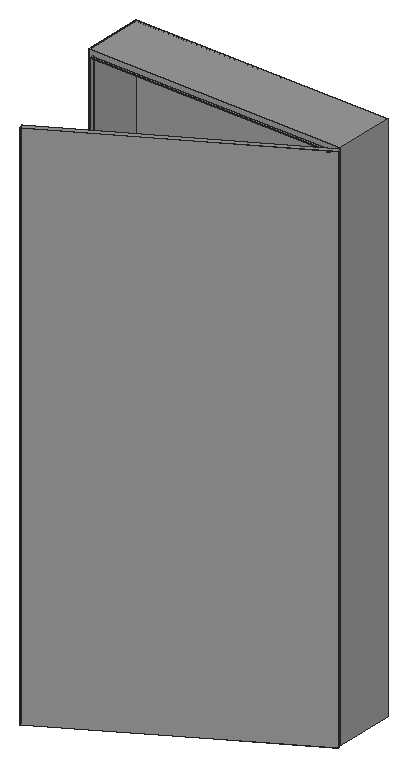
Revit family "Hager-Univers-IP54-D205-H1700-Cl.I-Encl-NoHosted-CH-de", category Equipement électrique, Revit 2020
Family settings
  Configuration du panneau = Deux colonnes, circuits au sein
  Cote de connecteur circulaire = Utiliser le diamètre
  Type d'élément = Tableau de raccordement
  Basée sur le plan de construction = Oui
  Toujours verticalement = Oui
  Couper avec des vides une fois chargée = Non
  Partagée = Non
  Point de calcul de pièce = Non
Parameters (values of type "Aufputz IP54 B800 H1700 T205  - FP13TW2")
  Width Control [instance] = if([EF000008 - Breite] > Min Width, [EF000008 - Breite], Min Width)  # 800 mm
  Commentaires du type = [HG000003 - Bereich]  # "Univers"
  Thickness Door [instance] = if([EF009171 - Materialstärke Tür/Deckel] > 3 mm, 3 mm, [EF009171 - Materialstärke Tür/Deckel])  # 1 mm
  Seal Frame Offset [instance] = 17 mm  # constant formula
  Plinth Visibility [instance] = [HG000027 - Sockelhöhe] > 0 mm  # no
  Min Width [instance] = 100 mm  # constant formula
  Min Depth [instance] = (2 * [EF009170 - Materialstärke Gehäuse]) + 1 mm  # 3 mm
  Min Height [instance] = 100 mm  # constant formula
  Internal Frame Depth [instance] = (Door System Depth * 0.5)  # 9 mm
  Panel Name [instance] = ""  # (empty or 0)
  Model = ""
  HG000027 - Sockelhöhe = 0 mm
  HG000026 - Stehend auf dem Boden = no
  HG000024 - Höhe des unteren Teils = 600 mm
  HG000023 - Gehäuse mit doppeltem Querschnitt = no
  HG000016 - 3D-Türsichtbarkeit [instance] = yes
  HG000015 - Sichtbarkeit der Türöffnung [instance] = no
  HG000014 - Tür rechts [instance] = yes
  HG000013 - Tür links [instance] = not([HG000014 - Tür rechts])  # no
  HG000012 - Türschwenkwinkel [instance] = 30.00°
  HG000010 - Asymmetrische Türen = no
  HG000009 - Doppelflügeligen Tür = no
  HG000006 - Unterputz = no
  HG000004 - Herstellerreferenz = "FP13TW2"
  HG000003 - Bereich = "Univers"
  HG000002 - Mit tür = yes
  Frame Offset Bottom [instance] = 10 mm  # constant formula
  Frame Offset [instance] = 15 mm  # constant formula
  EF015940 - Deckel mit Überdruckentlastung = no
  EF011959 - Schutzart (NEMA) = ""
  EF009554 - Anzahl der Öffnungen für Flanschplatten = 6
  EF009212 - Ausführung Deckel = "EV000116 - geschlossen"
  EF009171 - Materialstärke Tür/Deckel = 1 mm
  EF009170 - Materialstärke Gehäuse = 1 mm
  EF008873 - Nennstrom (In) = 400 A
  EF007800 - Geeignet für Blitzschutz = no
  EF006306 - Mit Schloss = no
  EF006244 - Transparenter Deckel/Tür = no
  EF005474 - Schutzart (IP) = "EV006419 - IP54"
  EF004464 - Art der Tür = "EV002646 - Einzel"
  EF004427 - Anzahl der Module = 396
  EF004293 - Schlagfestigkeit = "EV006815 - IK09"
  EF003532 - Geeignet für Außengebrauch = no
  EF002950 - Breite in Teilungseinheiten = 36
  EF001613 - Funktionserhalt = "EV000494 - ohne"
  EF001596 - Werkstoff des Gehäuses = "EV000179 - Stahl"
  EF001131 - Innentiefe = 205 mm
  EF001088 - Anbaumöglichkeit = yes
  EF000437 - Anzahl der Leitungseinführungen = 6
  EF000339 - Art der Abdeckung = "EV001012 - Deckel"
  EF000266 - Anzahl der Reihen = 11
  EF000218 - Einbautiefe = 205 mm
  EF000118 - Mit Montageplatte = no
  EF000116 - RAL-Nummer = "9010"
  EF000049 - Tiefe = 205 mm
  EF000040 - Höhe = 1700 mm
  EF000008 - Breite = 800 mm
  EF000007 - Farbe = "EV000202 - weiß"
  EF000003 - Montageart = "EV000384 - Aufputz"
  Door System Leaf Tolerance [instance] = 1.5 mm  # constant formula
  Door System Depth [instance] = 18 mm  # constant formula
  Door Height [instance] = Height Control - [HG000027 - Sockelhöhe]  # 1700 mm
  Description = ""
  Default Elevation = 1219.2 mm
  Connector Offset [instance] = Height Control / 2  # 850 mm
  Fabricant = "Hager"  # constant formula
  Height Control [instance] = if([EF000040 - Höhe] > Min Height, [EF000040 - Höhe], Min Height)  # 1700 mm
  Depth Control [instance] = if([EF000049 - Tiefe] > Min Depth, [EF000049 - Tiefe], Min Depth)  # 205 mm
  Bottom Top Plate Trim [instance] = 1.5 mm  # constant formula
  Plinth height Ctrl [instance] = if([HG000027 - Sockelhöhe] > 0 mm, [HG000027 - Sockelhöhe], 12 mm)  # 12 mm
Types (5, lengths in mm): name | Width Control | HG000009 - Doppelflügeligen Tür | HG000004 - Herstellerreferenz | EF009554 - Anzahl der Öffnungen für Flanschplatten | EF008873 - Nennstrom (In) | EF004464 - Art der Tür | EF004427 - Anzahl der Module | EF002950 - Breite in Teilungseinheiten | EF000437 - Anzahl der Leitungseinführungen | EF000008 - Breite
  Aufputz IP54 B1050 H1700 T205  - FP14TW2 | 1050 | yes | "FP14TW2" | 8 | 400 A | "EV003602 - Doppel" | 528 | 48 | 8 | 1050
  Aufputz IP54 B1300 H1700 T205  - FP15TW2 | 1300 | no | "FP15TW2" | 10 | 400 A | "EV003602 - Doppel" | 660 | 60 | 10 | 1300
  Aufputz IP54 B300 H1700 T205  - FP11TW2 | 300 | no | "FP11TW2" | 2 | 250 A | "EV002646 - Einzel" | 132 | 12 | 2 | 300
  Aufputz IP54 B550 H1700 T205  - FP12TW2 | 550 | no | "FP12TW2" | 4 | 250 A | "EV002646 - Einzel" | 264 | 24 | 4 | 550
  Aufputz IP54 B800 H1700 T205  - FP13TW2 | 800 | no | "FP13TW2" | 6 | 400 A | "EV002646 - Einzel" | 396 | 36 | 6 | 800
Reference planes
  plane 1 "Center (Front/Back)": y = 0
  plane 2: z = 0
  plane 3 "Center (Left/Right)": x = 0
  plane 4: y = 0
  plane 5: y = 0
  plane 6: z = 0
  plane 7: x = -400
  plane 8: x = 400
  plane 9: x = 399
  plane 10: x = -399
  plane 11: z = 0
  plane 12: z = 1
  plane 13: y = -205
  plane 14: y = -1
  plane 15: x = 0
  plane 16: y = -187
  plane 17: y = -204
  plane 18: y = -186
  plane 19: x = -384
  plane 20: x = 384
  plane 21: z = 11
  plane 22: x = -383
  plane 23: x = 383
  plane 24: z = 0
  plane 25: z = 1700
  plane 26: z = 1700
  plane 27: z = 1684
  plane 28: z = 1699
Forms (mm)
  Extrusion 1, solid, material "Hager_Steel_RAL7035_Light_Grey", detail levels medium+fine
    sketch origin (-208.679, -4572, 0) x (-1, 0, 0) y (0, -1, 0)
      loop
        line (191.321, -4385) -> (-608.679, -4385) -> (-608.679, -4572) -> (191.321, -4572) -> (191.321, -4385)
    from 0 to 1700
  Extrusion 2, void
    sketch origin (-350.771, -205, 1219.2) x (1, 0, 0) y (0, 0, 1)
      loop
        line (-48.229, 479.8) -> (-48.229, -1218.2) -> (749.771, -1218.2) -> (749.771, 479.8) -> (-48.229, 479.8)
    from -19 to -204
  Extrusion 3, void
    sketch origin (-290.084, -187, 1219.2) x (1, 0, 0) y (0, 0, 1)
      loop
        line (-93.916, -1208.2) -> (674.084, -1208.2) -> (674.084, 464.8) -> (-93.916, 464.8) -> (-93.916, -1208.2)
    from 0 to -1
  Extrusion 4, solid, material "Hager_Steel_RAL7035_Light_Grey", visible <- "Plinth Visibility", detail levels medium+fine
    sketch origin (0, 0, 0) x (1, 0, 0) y (0, 1, 0)
      loop
        line (-400, 0) -> (-400, -187) -> (400, -187) -> (400, 0) -> (-400, 0)
    from 0 to 12 <- "Plinth height Ctrl"
  Extrusion 5, solid, material "Hager_Steel_RAL7035_Light_Grey", detail levels coarse
    sketch origin (0, 0, 0) x (1, 0, 0) y (0, 1, 0)
      loop
        line (-400, 0) -> (-400, -205) -> (400, -205) -> (400, 0) -> (-400, 0)
    from 0 to 1700 <- "Height Control"
  Sweep 6, void
    path in 3D
      loop
        line (-400, -187, 12) -> (400, -187, 12) -> (400, 0, 12) -> (-400, 0, 12) -> (-400, -187, 12)
    profile origin (-400, -93.5, 12) x (1, 0, 0) y (0, 0, 1)
      loop
        line (0, 0) -> (0, -1.5) -> (1.5, -1.5)
        arc (1.5, -1.5) -> (1.061, -0.439) -> (0, 0) r 1.5
  Extrusion 7, solid, material "Hager_Steel_RAL7035_Light_Grey", detail levels fine
    sketch origin (-400, -187, 0) x (1, 0, 0) y (0, 0, 1)
      loop
        line (16, 11) -> (784, 11) -> (784, 1684) -> (16, 1684) -> (16, 11)
      loop
        line (15, 10) -> (785, 10) -> (785, 1685) -> (15, 1685) -> (15, 10)
    from 0 to 9 <- "Internal Frame Depth"
Cuts and joins
  Extrusion 2, Extrusion 3 cuts Extrusion 1
  Sweep 6 cuts Extrusion 4
Lines and regions (mm)
  Masking region 1
    outline origin (0, 0, 0) x (1, 0, 0) y (0, 1, 0)
      loop
        line (-400, 0) -> (-400, -205) -> (400, -205) -> (400, 0) -> (-400, 0)
  Masking region 2, detail levels coarse
    outline origin (-290.084, -187, 1219.2) x (-1, 0, 0) y (0, 0, 1)
      loop
        line (-690.084, -1219.2) -> (109.916, -1219.2) -> (109.916, 480.8) -> (-690.084, 480.8) -> (-690.084, -1219.2)
  Masking region 3, detail levels coarse
    outline origin (0, 0, 0) x (0, 1, 0) y (0, 0, 1)
      loop
        line (0, 0) -> (0, 1700) -> (-205, 1700) -> (-205, 0) -> (0, 0)
  Masking region 4, visible <- "Plinth Visibility", detail levels medium+fine
    outline origin (0, 0, 0) x (0, 1, 0) y (0, 0, 1)
      loop
        line (-1.5, 12) -> (-185.5, 12)
        arc (-185.5, 12) -> (-185.939, 10.939) -> (-187, 10.5) r 1.5
        line (-187, 10.5) -> (-187, 0) -> (0, 0) -> (0, 10.5)
        arc (0, 10.5) -> (-1.061, 10.939) -> (-1.5, 12) r 1.5
  Masking region 5, detail levels medium+fine
    outline origin (0, 0, 594.038) x (0, 1, 0) y (0, 0, 1)
      loop
        line (0, -594.038) -> (0, 1105.962) -> (-187, 1105.962) -> (-187, -594.038) -> (0, -594.038)
  Masking region 6, detail levels medium+fine
    outline origin (-359.7, -187, 1211.883) x (-1, 0, 0) y (0, 0, 1)
      loop
        line (-759.7, -1211.883) -> (40.3, -1211.883) -> (40.3, 488.117) -> (-759.7, 488.117) -> (-759.7, -1211.883)
  Masking region 7, visible <- "Plinth Visibility", detail levels medium+fine
    outline origin (-320.334, -187, 1041.368) x (-1, 0, 0) y (0, 0, 1)
      loop
        line (-720.334, -1041.368) -> (79.666, -1041.368) -> (79.666, -1030.868)
        arc (79.666, -1030.868) -> (78.606, -1030.429) -> (78.166, -1029.368) r 1.5
        line (78.166, -1029.368) -> (-718.834, -1029.368)
        arc (-718.834, -1029.368) -> (-719.273, -1030.429) -> (-720.334, -1030.868) r 1.5
        line (-720.334, -1030.868) -> (-720.334, -1041.368)
  sketch lines
    curve 1: line (-400, 0, 12) -> (-400, -187, 12)
    curve 2: line (-400, -187, 12) -> (400, -187, 12)
    curve 3: line (400, 0, 12) -> (-400, 0, 12)
    curve 4: line (400, -187, 12) -> (400, 0, 12)
Dimensions and locks
  locked: plane 1 "Center (Front/Back)" to plane 5
  "EF009170 - Materialstärke Gehäuse": plane 7 to plane 10
  "EF009170 - Materialstärke Gehäuse": plane 8 to plane 9
  equal spacing: plane 7, plane 3 "Center (Left/Right)", plane 8
  "Width Control": plane 7 to plane 8
  "Depth Control": plane 4 to plane 13
  "EF009170 - Materialstärke Gehäuse": plane 4 to plane 14
  "Height Control": plane 25 to level
  "HG000027 - Sockelhöhe": plane 11 to level
  "EF009170 - Materialstärke Gehäuse": plane 12 to plane 11
  "EF009170 - Materialstärke Gehäuse": plane 17 to plane 13
  "EF009170 - Materialstärke Gehäuse": plane 18 to plane 16
  "Frame Offset Bottom": plane 21 to plane 12
  "Frame Offset": plane 10 to plane 19
  "Frame Offset": plane 9 to plane 20
  "Door System Depth": plane 16 to plane 13
  "Seal Frame Offset": plane 7 to plane 22
  "Seal Frame Offset": plane 8 to plane 23
  "EF009170 - Materialstärke Gehäuse": plane 26 to plane 28
  "Frame Offset": plane 28 to plane 27
  "Connector Offset": plane 2 to connector elem
  "Bottom Top Plate Trim": profile plane to Sweep 6 sketch curve
  "Bottom Top Plate Trim": Sweep 6 sketch curve to Sweep 6 sketch curve
  "Plinth height Ctrl": Masking region 4 sketch curve to level
  "Plinth height Ctrl": Masking region 7 sketch curve to level
  "Thickness Door": Extrusion 7 sketch curve to Extrusion 7 sketch curve  (x4)
  "Bottom Top Plate Trim": radius of Sweep 6 sketch curve
  "Bottom Top Plate Trim": radius of Masking region 4 sketch curve  (x2)
  "Bottom Top Plate Trim": radius of Masking region 7 sketch curve  (x2)
  aligned and locked: Extrusion 2 sketch curve to plane 12
  aligned and locked: Extrusion 2 sketch curve to plane 9
  aligned and locked: Extrusion 2 sketch curve to plane 10
  aligned and locked: Extrusion 2 to plane 14
  aligned and locked: Extrusion 1 sketch curve to plane 4
  aligned and locked: plane 8 to Extrusion 1 sketch curve
  aligned and locked: plane 7 to Extrusion 1 sketch curve
  aligned and locked: Extrusion 2 to plane 18
  aligned and locked: Extrusion 3 sketch curve to plane 19
  aligned and locked: plane 20 to Extrusion 3 sketch curve
  aligned and locked: Extrusion 3 to Extrusion 2
  aligned and locked: Extrusion 3 sketch curve to plane 21
  aligned and locked: plane 3 "Center (Left/Right)" to nested 1
  aligned and locked: Extrusion 1 sketch curve to plane 16
  aligned and locked: Extrusion 4 sketch curve to cut or joined group of Extrusion 1, Extrusion 2, Extrusion 3
  aligned and locked: Masking region 1 sketch curve to plane 7
  aligned and locked: Masking region 1 sketch curve to plane 5
  aligned and locked: Masking region 1 sketch curve to plane 8
  aligned and locked: Masking region 2 sketch curve to level
  aligned and locked: level to Masking region 3 sketch curve
  aligned and locked: plane 1 "Center (Front/Back)" to Masking region 3 sketch curve
  aligned and locked: plane 13 to Masking region 3 sketch curve
  aligned and locked: plane 5 to Masking region 4 sketch curve
  aligned and locked: Masking region 2 sketch curve to plane 8
  aligned and locked: Masking region 2 sketch curve to plane 7
  aligned and locked: plane 7 to nested 2
  aligned and locked: nested 2 to plane 5
  aligned and locked: plane 5 to Masking region 5 sketch curve
  aligned and locked: plane 26 to Masking region 5 sketch curve
  aligned and locked: Extrusion 5 sketch curve to plane 8
  aligned and locked: Extrusion 5 sketch curve to plane 7
  aligned and locked: Extrusion 5 sketch curve to plane 5
  aligned and locked: Extrusion 3 sketch curve to plane 27
  aligned and locked: Extrusion 2 sketch curve to plane 28
  aligned and locked: Masking region 2 to plane 25
  aligned and locked: Extrusion 4 to plane 16
  aligned and locked: profile plane to Sweep 6 sketch curve
  aligned and locked: Masking region 5 sketch curve to plane 24
  aligned and locked: level to Masking region 4 sketch curve
  aligned and locked: Masking region 1 to plane 13
  aligned and locked: nested 1 to plane 16
  aligned and locked: Masking region 3 to plane 25
  aligned and locked: plane 16 to Masking region 4 sketch curve
  aligned and locked: Masking region 5 sketch curve to plane 16
  aligned and locked: plane 24 to plane 11
  aligned and locked: plane 26 to plane 25
  aligned and locked: plane 26 to cut or joined group of Extrusion 1, Extrusion 2, Extrusion 3
  aligned and locked: nested 1 to plane 24
  aligned and locked: Extrusion 1 to Extrusion 3
  aligned and locked: Masking region 6 sketch curve to plane 8
  aligned and locked: Masking region 6 sketch curve to plane 24
  aligned and locked: Masking region 6 sketch curve to plane 7
  aligned and locked: Masking region 6 sketch curve to plane 26
  aligned and locked: Masking region 7 sketch curve to plane 7
  aligned and locked: level to Masking region 7 sketch curve
  aligned and locked: Masking region 7 sketch curve to plane 8
  aligned and locked: Extrusion 7 sketch curve to cut or joined group of Extrusion 1, Extrusion 2, Extrusion 3  (x4)
Automatic sketch dimensions
  plane 19 to Extrusion 3 sketch curve = 0 mm
  Extrusion 3 sketch curve to plane 20 = 0 mm
  Extrusion 3 sketch curve to plane 21 = 0 mm
  Extrusion 4 sketch curve to plane 7 = 0 mm
  Extrusion 4 sketch curve to plane 8 = 0 mm
  Extrusion 4 sketch curve to plane 16 = 0 mm
  Masking region 1 sketch curve to plane 13 = 0 mm
  Masking region 2 sketch curve to plane 25 = 0 mm
  Masking region 3 sketch curve to plane 25 = 0 mm
  Extrusion 5 sketch curve to plane 13 = 0 mm
  profile plane to Sweep 6 sketch curve = 0 mm
Nested families
  nested 1: "EC000058_Univers_Door" at (0, -187, 0), Double <- "HG000009 - Doppelflügeligen Tür", Transparent <- "EF006244 - Transparenter Deckel/Tür", Angle <- "HG000012 - Türschwenkwinkel", Door_Right <- "HG000014 - Tür rechts", Assymetrical <- "HG000010 - Asymmetrische Türen", Door <- "HG000002 - Mit tür", Width_Ctrl <- "Width Control", 3d_Door <- "HG000016 - 3D-Türsichtbarkeit", Clearance <- "HG000015 - Sichtbarkeit der Türöffnung", Door_Left <- "HG000013 - Tür links", Width <- "Width Control", Door_Depth <- "Door System Depth", Leaf_Tolerance <- "Door System Leaf Tolerance", Height <- "Door Height", Lock_Visibility <- "EF006306 - Mit Schloss", Thickness <- "Thickness Door", type "EC000058_Univers_Door", detail levels medium+fine
    with min_wh 3 mm, Width_Ctrl 800 mm, Width 800 mm, Transparent no, Thickness 1 mm, Seal_Material Hager_Rubber, Lock_Visibility no, Lock_Material Hager_Plastic_RAL9005_Jet_Black, Leaf_Width 800 mm, Leaf_Tolerance_External_Sides 0 mm, Leaf_Tolerance 1.5 mm, Leaf_Offset 0 mm, Leaf_Height 1697 mm, Leaf_2_Width 800 mm, Leaf_2_Offset 400 mm, Leaf_1_Width 800 mm, Leaf_1_Offset 400 mm, Height_Ctrl 1700 mm, Height 1700 mm, Glass_Material Hager_Glass, Double_Clearance_Ctrl no, Double no, Door_Right_Ctrl yes, Door_Right yes, Door_Material Hager_Steel_RAL7035_Light_Grey, Door_Left_Ctrl no, Door_Left no, Door_Depth 18 mm, Door yes, Clearance_Material Hager_Clearance, Clearance_Depth 800 mm, Clearance_Ctrl no, Clearance no, Assymetrical no, Angle 30.00°, 3d_Door yes
  nested 2: "Hager_Enclosure_Symbol" at (-400, 0, 0), Height <- "Depth Control", Width <- "Width Control", type "Hager_Enclosure_Symbol"
    with Width_Ctrl 800 mm, Width 800 mm, Height_Ctrl 205 mm, Height 205 mm, A_Width_Int 13.453 mm, A_Width 161.438 mm, A_Height_Ctrl 179.375 mm, A_Height 179.375 mm
Connectors
  electrical at (0, 0, 850)
    settings: on plane 1 "Center (Front/Back)", index 1, voltage 0 V, apparent load 0 VA, apparent load phase1 0 VA, apparent load phase2 0 VA, apparent load phase3 0 VA, power factor 1, load classification "Other", number of poles 1, system type 30, power factor state 1, is connector primary yes, connector utility no, sub classification motor no, connector description ""
Definition of nested family "EC000058_Univers_Door"
  Parameters (values of type "EC000058_Univers_Door")
    min_wh [instance] = (2 * Thickness) + 1 mm  # 11 mm
    Width_Ctrl [instance] = 400 mm
    Width [instance] = 500 mm
    Transparent [instance] = yes
    Thickness [instance] = 5 mm
    Seal_Material [instance] = none
    Lock_Visibility [instance] = yes
    Lock_Material [instance] = none
    Leaf_Width [instance] = if((Width_Ctrl - 2 * Leaf_Tolerance_External_Sides) > 0 mm, (Width_Ctrl - 2 * Leaf_Tolerance_External_Sides), min_wh)  # 400 mm
    Leaf_Tolerance_External_Sides [instance] = 0 mm  # constant formula
    Leaf_Tolerance [instance] = 1.5 mm
    Leaf_Offset [instance] = 0 mm  # constant formula
    Leaf_Height [instance] = if((Height_Ctrl - 2 * Leaf_Tolerance) > 0 mm, (Height_Ctrl - 2 * Leaf_Tolerance), min_wh)  # 497 mm
    Leaf_2_Width [instance] = if(and(and(Double, Assymetrical), Door_Left), (Leaf_Width / 3) - (Leaf_Tolerance / 2), if(and(and(Double, Assymetrical), Door_Right), (Leaf_Width / 3) * 2 - (Leaf_Tolerance / 2), if(and(Double, not(Assymetrical)), (Leaf_Width / 2) - Leaf_Tolerance, Leaf_Width)))  # 400 mm
    Leaf_2_Offset [instance] = if(and(Double, Assymetrical), Leaf_2_Width / 2, if(and(Double, not(Assymetrical)), Leaf_Width / 4, Leaf_Width / 2))  # 200 mm
    Leaf_1_Width [instance] = if(and(and(Double, Assymetrical), Door_Right), (Leaf_Width / 3) - (Leaf_Tolerance / 2), if(and(and(Double, Assymetrical), Door_Left), (Width / 3) * 2 - (Leaf_Tolerance / 2), if(and(Double, not(Assymetrical)), (Leaf_Width / 2) - Leaf_Tolerance, Leaf_Width)))  # 400 mm
    Leaf_1_Offset [instance] = if(and(Double, Assymetrical), Leaf_1_Width / 2, if(and(Double, not(Assymetrical)), Leaf_Width / 4, Leaf_Width / 2))  # 200 mm
    Height_Ctrl [instance] = if(Height > min_wh, Height, min_wh)  # 500 mm
    Height [instance] = 500 mm
    Glass_Material [instance] = none
    Double_Clearance_Ctrl [instance] = and(Double, Clearance)  # no
    Double [instance] = no
    Door_Right_Ctrl [instance] = and(or(Door_Right, Double), Door)  # yes
    Door_Right [instance] = yes
    Door_Material [instance] = none
    Door_Left_Ctrl [instance] = and(or(Door_Left, Double), Door)  # no
    Door_Left [instance] = no
    Door_Depth [instance] = 30 mm
    Door [instance] = yes
    Default Elevation = 1219.2 mm
    Clearance_Material [instance] = none
    Clearance_Depth [instance] = if(Leaf_1_Width > Leaf_2_Width, Leaf_1_Width, Leaf_2_Width)  # 400 mm
    Clearance_Ctrl [instance] = and(not(Double), Clearance)  # yes
    Clearance [instance] = yes
    Assymetrical [instance] = yes
    Angle [instance] = 30.00°
    3d_Door [instance] = yes
  Reference planes
    plane 1 "Center (Front/Back)": y = 0
    plane 2 "Bottom": z = 0
    plane 3 "Center (Left/Right)": x = 0
    plane 4: z = 500
    plane 5: x = -200
    plane 6: x = 200
    plane 7: z = 500
    plane 8: x = -200
    plane 9: z = 0
    plane 10: x = 200
    plane 11: y = 0
    plane 12: z = 1.5
    plane 13: x = -600
    plane 14: y = -400
    plane 15: x = 600
    plane 16: x = 0
    plane 17: x = 0
    plane 18: x = -200
    plane 19: x = 200
    plane 20: z = 498.5
  Forms (mm)
    Extrusion 1, solid, material <- "Clearance_Material", visible <- "Double_Clearance_Ctrl"
      sketch origin (1200, 0, 0) x (1, 0, 0) y (0, 0, -1)
        loop
          line (-1800, -498.5) -> (-600, -498.5) -> (-600, 0) -> (-1800, 0) -> (-1800, -498.5)
      from 0 to -400
  Dimensions and locks
    equal spacing: plane 5, plane 3 "Center (Left/Right)", plane 6
    "Width_Ctrl": plane 5 to plane 6
    "Leaf_Offset": plane 5 to plane 8
    "Leaf_Offset": plane 6 to plane 10
    "Leaf_Offset": plane 9 to level
    "Leaf_Offset": plane 4 to plane 7
    "Height_Ctrl": plane 4 to level
    "Leaf_Tolerance": plane 12 to plane 9
    locked: plane 11 to plane 1 "Center (Front/Back)"
    "Leaf_1_Offset": plane 18 to plane 16
    "Leaf_2_Offset": plane 17 to plane 19
    "Leaf_1_Width": plane 13 to plane 8
    "Leaf_2_Width": plane 10 to plane 15
    "Clearance_Depth": plane 14 to plane 1 "Center (Front/Back)"
    "Leaf_Tolerance_External_Sides": plane 8 to plane 18
    "Leaf_Tolerance_External_Sides": plane 19 to plane 10
    "Leaf_Tolerance": plane 7 to plane 20
    aligned and locked: level to plane 2 "Bottom"
    aligned and locked: nested 1 to plane 16
    aligned and locked: nested 2 to plane 17
    aligned and locked: Extrusion 1 to plane 13
    aligned and locked: plane 15 to Extrusion 1
    aligned and locked: Extrusion 1 to plane 14
    aligned and locked: plane 12 to nested 1
    aligned and locked: nested 2 to plane 12
    aligned and locked: Extrusion 1 to plane 11
    aligned and locked: plane 20 to Extrusion 1
    aligned and locked: nested 2 to plane 11
    aligned and locked: nested 1 to plane 11
  Automatic sketch dimensions
    Extrusion 1 sketch curve to level = 0 mm
    plane 5 to Extrusion 1 sketch curve = 400 mm
    plane 6 to Extrusion 1 sketch curve = 400 mm
    Extrusion 1 sketch curve to plane 4 = 1.5 mm
  Nested families
    nested 1: "EC000058_Univers_Door_Leaf" at (0, 0, 1.5), Width <- "Leaf_1_Width", visible <- "Door_Left_Ctrl", Leaf_Height <- "Leaf_Height", Angle <- "Angle", 3d_Door <- "3d_Door", Transparent <- "Transparent", Clearance Material <- "Clearance_Material", Clearance <- "Clearance_Ctrl", Door_Material <- "Door_Material", Glass_Material <- "Glass_Material", Door_Depth <- "Door_Depth", Lock_Material <- "Lock_Material", Seal_Material <- "Seal_Material", Lock_Visibility <- "Lock_Visibility", Thickness <- "Thickness", type "EC000058_Univers_Door_Leaf"
      with Width 400 mm, Transparent_Glass_Offset 30 mm, Transparent_Ctrl yes, Transparent yes, Thickness 5 mm, Standard no, Seal_Material none, Seal_D2 8 mm, Seal_D1 1 mm, Offset_Internal_Frame 10 mm, Lock_Width 20 mm, Lock_Visibility_3d yes, Lock_Visibility yes, Lock_Thickness_3 3 mm, Lock_Thickness_2 1 mm, Lock_Thickness_1 3 mm, Lock_Radius_Offset_2 16 mm, Lock_Radius_Offset_1 15 mm, Lock_Radius_2 5 mm, Lock_Radius 6 mm, Lock_Offset 5 mm, Lock_Material none, Lock_Height 80 mm, Lock_Cover_Top_Offset_2d 17 mm, Lock_Cover_Height -65 mm, Leaf_Height 497 mm, Internal_Seal_Thickness 8 mm, Internal_Seal_Depth_2 4.5 mm, Internal_Frame_Depth 25 mm, Glass_Thickness -1 mm, Glass_Offset -2 mm, Glass_Material none, Door_Material none, Door_Depth 30 mm, Clearance Material none, Clearance yes, Angle_Ctrl 30.00°, Angle 30.00°, 3d_Door yes
    nested 2: "EC000058_Univers_Door_Leaf" at (0, 0, 1.5) x (-1, 0, 0) z (0, 0, 1), Width <- "Leaf_2_Width", visible <- "Door_Right_Ctrl", Leaf_Height <- "Leaf_Height", Angle <- "Angle", 3d_Door <- "3d_Door", Transparent <- "Transparent", Clearance Material <- "Clearance_Material", Clearance <- "Clearance_Ctrl", Door_Material <- "Door_Material", Glass_Material <- "Glass_Material", Door_Depth <- "Door_Depth", Lock_Material <- "Lock_Material", Seal_Material <- "Seal_Material", Lock_Visibility <- "Lock_Visibility", Thickness <- "Thickness", type "EC000058_Univers_Door_Leaf"
      with Width 400 mm, Transparent_Glass_Offset 30 mm, Transparent_Ctrl yes, Transparent yes, Thickness 5 mm, Standard no, Seal_Material none, Seal_D2 8 mm, Seal_D1 1 mm, Offset_Internal_Frame 10 mm, Lock_Width 20 mm, Lock_Visibility_3d yes, Lock_Visibility yes, Lock_Thickness_3 3 mm, Lock_Thickness_2 1 mm, Lock_Thickness_1 3 mm, Lock_Radius_Offset_2 16 mm, Lock_Radius_Offset_1 15 mm, Lock_Radius_2 5 mm, Lock_Radius 6 mm, Lock_Offset 5 mm, Lock_Material none, Lock_Height 80 mm, Lock_Cover_Top_Offset_2d 17 mm, Lock_Cover_Height -65 mm, Leaf_Height 497 mm, Internal_Seal_Thickness 8 mm, Internal_Seal_Depth_2 4.5 mm, Internal_Frame_Depth 25 mm, Glass_Thickness -1 mm, Glass_Offset -2 mm, Glass_Material none, Door_Material none, Door_Depth 30 mm, Clearance Material none, Clearance yes, Angle_Ctrl 30.00°, Angle 30.00°, 3d_Door yes
  Definition of nested family "EC000058_Univers_Door_Leaf"
    Parameters (values of type "EC000058_Univers_Door_Leaf")
      Width [instance] = 2000 mm
      Transparent_Glass_Offset [instance] = 30 mm
      Transparent_Ctrl [instance] = and(Transparent, [3d_Door])  # yes
      Transparent [instance] = yes
      Thickness [instance] = 5 mm
      Standard [instance] = and(not(Transparent), [3d_Door])  # no
      Seal_Material [instance] = none
      Seal_D2 [instance] = 8 mm  # constant formula
      Seal_D1 [instance] = 1 mm  # constant formula
      Offset_Internal_Frame [instance] = 10 mm  # constant formula
      Lock_Width [instance] = 20 mm  # constant formula
      Lock_Visibility_3d [instance] = and(Lock_Visibility, [3d_Door])  # yes
      Lock_Visibility [instance] = yes
      Lock_Thickness_3 [instance] = 3 mm  # constant formula
      Lock_Thickness_2 [instance] = 1 mm  # constant formula
      Lock_Thickness_1 [instance] = 3 mm  # constant formula
      Lock_Radius_Offset_2 [instance] = Lock_Radius_Offset_1 + 1 mm  # 16 mm
      Lock_Radius_Offset_1 [instance] = 15 mm  # constant formula
      Lock_Radius_2 [instance] = Lock_Radius - 1 mm  # 5 mm
      Lock_Radius [instance] = 6 mm  # constant formula
      Lock_Offset [instance] = 5 mm  # constant formula
      Lock_Material [instance] = none
      Lock_Height [instance] = 80 mm  # constant formula
      Lock_Cover_Top_Offset_2d [instance] = Lock_Radius_Offset_2 + 1 mm  # 17 mm
      Lock_Cover_Height [instance] = -(Lock_Height - Lock_Radius_Offset_1)  # -65 mm
      Leaf_Height [instance] = 2720.336 mm
      Internal_Seal_Thickness [instance] = 8 mm  # constant formula
      Internal_Seal_Depth_2 [instance] = 4.5 mm  # constant formula
      Internal_Frame_Depth [instance] = if(Door_Depth - Thickness > 5 mm, Door_Depth - Thickness, 5 mm)  # 25 mm
      Glass_Thickness [instance] = if(Thickness > 15 mm, Glass_Offset + 10 mm, -1 mm)  # -1 mm
      Glass_Offset [instance] = if(Thickness > 15 mm, -(Thickness + 10 mm) / 2, -2 mm)  # -2 mm
      Glass_Material [instance] = none
      Door_Material [instance] = none
      Door_Depth [instance] = 30 mm
      Default Elevation = 0 mm
      Clearance Material [instance] = none
      Clearance [instance] = yes
      Angle_Ctrl [instance] = if(Angle > 180.00°, 180.00°, Angle)  # 90.00°
      Angle [instance] = 90.00°
      3d_Door [instance] = yes
    Reference planes
      plane 1 "Center (Front/Back)": y = 0
      plane 2: z = 0
      plane 3 "Center (Left/Right)": x = 0
      plane 4: y = 2000
      plane 5: x = -1000
      plane 6: x = 1000
      plane 7: x = -3000
      plane 8: z = 2720.336
      plane 9: z = 30
      plane 10: z = 2690.336
      plane 11: x = 970
      plane 12: x = -970
      plane 13: y = -3
      plane 14: z = 107.833
      plane 15: y = -5
      plane 16: y = -223.314
      plane 17: x = -1000
      plane 18: z = 1360.168
      plane 19: y = 30
    Forms (mm)
      Extrusion 1, solid, material <- "Clearance Material", visible <- "Clearance"
        sketch origin (0, 0, 0) x (1, 0, 0) y (0, 0, 1)
          loop
            line (-3000, 2720.336) -> (-3000, 0) -> (1000, 0) -> (1000, 2720.336) -> (-3000, 2720.336)
        from 0 to -2000
      Extrusion 2, solid, material <- "Door_Material", visible <- "Standard", detail levels medium+fine
        sketch origin (-1000, 0, 0) x (0, 1, 0) y (-1, 0, 0)
          loop
            line (0, 30) -> (0, 25) -> (2000, 25) -> (2000, 30) -> (0, 30)
        from 0 to 2720.336 <- "Leaf_Height"
      Extrusion 3, solid, material <- "Door_Material", visible <- "Transparent_Ctrl", detail levels medium+fine
        sketch origin (-1000, 0, 0) x (0, 1, 0) y (-1, 0, 0)
          loop
            line (0, 25) -> (2000, 25) -> (2000, 30) -> (0, 30) -> (0, 25)
        from 0 to 2720.336 <- "Leaf_Height"
      Extrusion 4, void
        sketch origin (-1025, 2000, 0) x (0, 1, 0) y (0, 0, -1)
          loop
            line (-30, -2690.336) -> (-30, -30) -> (-1970, -30) -> (-1970, -2690.336) -> (-30, -2690.336)
        from 0 to 5 <- "Thickness"
      Sweep 5, solid, material <- "Seal_Material", visible <- "Transparent_Ctrl", detail levels fine
        path in 3D
          loop
            line (-1025, 30, 30) -> (-1025, 30, 2690.336) -> (-1025, 1970, 2690.336) -> (-1025, 1970, 30) -> (-1025, 30, 30)
        profile origin (-1025, 1000, 30) x (1, 0, 0) y (0, 0, 1)
          loop
            line (0, 0) -> (0, -8) -> (1, -8) -> (1, 0) -> (0, 0)
      Extrusion 6, solid, material <- "Glass_Material", visible <- "Transparent_Ctrl", detail levels medium+fine
        sketch origin (-1030, 0, 0) x (0, 1, 0) y (0, 0, -1)
          loop
            line (1970, -2690.336) -> (1970, -30) -> (30, -30) -> (30, -2690.336) -> (1970, -2690.336)
        from -2 <- "Glass_Offset" to -1 <- "Glass_Thickness"
      Extrusion 7, solid, material <- "Door_Material", visible <- "3d_Door", detail levels medium+fine
        sketch origin (-1025, 2000, 0) x (0, -1, 0) y (0, 0, -1)
          loop
            line (0, -2720.336) -> (2000, -2720.336) -> (2000, 0) -> (0, 0) -> (0, -2720.336)
          loop
            line (1995, -5) -> (5, -5) -> (5, -2715.336) -> (1995, -2715.336) -> (1995, -5)
        from 0 to 25 <- "Internal_Frame_Depth"
      Sweep 8, solid, material <- "Seal_Material", visible <- "Transparent_Ctrl", detail levels fine
        path in 3D
          loop
            line (-1025, 0, 0) -> (-1025, 2000, 0) -> (-1025, 2000, 2720.336) -> (-1025, 0, 2720.336) -> (-1025, 0, 0)
        profile origin (-1025, 0, 1360.168) x (1, 0, 0) y (0, 1, 0)
          loop
            line (0, 10) -> (2.975, 10)
            arc (2.975, 10) -> (4.053, 10.447) -> (4.5, 11.525) r 1.525
            line (4.5, 11.525) -> (4.5, 16.527)
            arc (4.5, 16.527) -> (4.069, 17.569) -> (3.027, 18) r 1.473
            line (3.027, 18) -> (0, 18) -> (0, 10)
      Extrusion 9, solid, material <- "Lock_Material", visible <- "Lock_Visibility_3d", detail levels fine
        sketch origin (-1030, 0, 0) x (0, 1, 0) y (0, 0, -1)
          loop
            arc (1993.5, -1400.168) -> (1994.561, -1399.729) -> (1995, -1398.668) r 1.5
            line (1995, -1398.668) -> (1995, -1320.168) -> (1975, -1320.168) -> (1975, -1398.668)
            arc (1975, -1398.668) -> (1975.439, -1399.729) -> (1976.5, -1400.168) r 1.5
            line (1976.5, -1400.168) -> (1993.5, -1400.168)
        from 3 <- "Lock_Thickness_1" to 0
      Blend 10, solid, material <- "Lock_Material", visible <- "Lock_Visibility_3d", detail levels fine
        base sketch origin (-1033, 0, 0) x (0, 1, 0) y (0, 0, -1)
          loop
            line (1975, -1320.168) -> (1975, -1398.668)
            arc (1975, -1398.668) -> (1975.439, -1399.729) -> (1976.5, -1400.168) r 1.5
            line (1976.5, -1400.168) -> (1993.5, -1400.168)
            arc (1993.5, -1400.168) -> (1994.561, -1399.729) -> (1995, -1398.668) r 1.5
            line (1995, -1398.668) -> (1995, -1320.168) -> (1975, -1320.168)
        top sketch origin (-1033, 0, 0) x (0, 1, 0) y (0, 0, -1)
          loop
            line (1976, -1320.168) -> (1976, -1398.668)
            arc (1976, -1398.668) -> (1976.146, -1399.022) -> (1976.5, -1399.168) r 0.5
            line (1976.5, -1399.168) -> (1993.5, -1399.168)
            arc (1993.5, -1399.168) -> (1993.854, -1399.022) -> (1994, -1398.668) r 0.5
            line (1994, -1398.668) -> (1994, -1320.168) -> (1976, -1320.168)
        from 0 to 1 <- "Lock_Thickness_2"
      Blend 11, solid, material <- "Lock_Material", visible <- "Lock_Visibility_3d", detail levels fine
        base sketch origin (-1034, 0, 0) x (0, 1, 0) y (0, 0, -1)
          loop
            line (1978, -1320.168) -> (1978, -1384.168)
            arc (1978, -1384.168) -> (1985, -1391.168) -> (1992, -1384.168) r 7
            line (1992, -1384.168) -> (1992, -1320.168) -> (1978, -1320.168)
        top sketch origin (-1034, 0, 0) x (0, 1, 0) y (0, 0, -1)
          loop
            line (1991, -1320.168) -> (1979, -1320.168) -> (1979, -1383.168)
            arc (1979, -1383.168) -> (1985, -1389.168) -> (1991, -1383.168) r 6
            line (1991, -1383.168) -> (1991, -1320.168)
        from 0 to 3 <- "Lock_Thickness_3"
      Extrusion 12, solid, material <- "Lock_Material", visible <- "Lock_Visibility_3d", detail levels fine
        sketch origin (-1030, 1975, 1320.168) x (1, 0, 0) y (0, -1, 0)
          loop
            line (-7, -19) -> (-7, -1) -> (0, -1) -> (0, 0) -> (-8, 0) -> (-8, -20) -> (0, -20) -> (0, -19) -> (-7, -19)
        from 0 to -65 <- "Lock_Cover_Height"
      Extrusion 13, void
        sketch origin (-1038, 1995, 1320.168) x (-1, 0, 0) y (0, 0, -1)
          loop
            line (-5, -65) -> (0, -65) -> (-5, -60) -> (-5, -65)
        from 0 to 20 <- "Lock_Width"
      Extrusion 14, void
        sketch origin (-1038, 1975, 1320.168) x (0, -1, 0) y (0, 0, -1)
          loop
            circle (-10, -15.995) r 6
          loop
            circle (-10, -15.995) r 5
        from 0 to 2
      Extrusion 15, solid, material <- "Lock_Material", visible <- "Lock_Visibility_3d", detail levels medium
        sketch origin (-1030, 0, 0) x (0, 1, 0) y (0, 0, -1)
          loop
            arc (1993.5, -1400.168) -> (1994.561, -1399.729) -> (1995, -1398.668) r 1.5
            line (1995, -1398.668) -> (1995, -1320.168) -> (1975, -1320.168) -> (1975, -1398.668)
            arc (1975, -1398.668) -> (1975.439, -1399.729) -> (1976.5, -1400.168) r 1.5
            line (1976.5, -1400.168) -> (1993.5, -1400.168)
        from 8 to 0
    Cuts and joins
      Extrusion 4 cuts Extrusion 3
      Extrusion 13, Extrusion 14 cuts Extrusion 9
      Extrusion 14 cuts Blend 11
      Extrusion 13, Extrusion 14 cuts Extrusion 12
      joined: Extrusion 9, Blend 10, Blend 11, Extrusion 12
      Extrusion 14 cuts Extrusion 15
    Lines and regions (mm)
      Masking region 1, visible <- "Lock_Visibility", detail levels fine
        outline origin (0, 0, 0) x (0, 1, 0) y (0, 0, 1)
          loop
            line (30, 1320.168) -> (33, 1320.168) -> (33, 1400.168) -> (30, 1400.168) -> (30, 1320.168)
      Masking region 2, visible <- "Lock_Visibility", detail levels fine
        outline origin (0, 3.143, 0) x (0, 1, 0) y (0, 0, 1)
          loop
            line (29.857, 1354.168) -> (30.857, 1354.168) -> (30.857, 1366.168) -> (29.857, 1366.168) -> (29.857, 1354.168)
      Masking region 3, detail levels medium+fine
        outline origin (0, 0, 0) x (0, 1, 0) y (0, 0, 1)
          loop
            line (0, 0) -> (30, 0) -> (30, 2720.336) -> (0, 2720.336) -> (0, 0)
      Masking region 4, detail levels medium+fine
        outline origin (0, 0, 0) x (1, 0, 0) y (0, 0, 1)
          loop
            line (-1000, 2720.336) -> (-1000, 0) -> (1000, 0) -> (1000, 2720.336) -> (-1000, 2720.336)
      Masking region 5, visible <- "Lock_Visibility", detail levels fine
        outline origin (-47.116, 0, 0) x (1, 0, 0) y (0, 0, 1)
          loop
            arc (1024.616, 1399.168) -> (1023.556, 1398.729) -> (1023.116, 1397.668) r 1.5
            line (1023.116, 1397.668) -> (1023.116, 1320.168) -> (1041.116, 1320.168) -> (1041.116, 1397.668)
            arc (1041.116, 1397.668) -> (1040.677, 1398.729) -> (1039.616, 1399.168) r 1.5
            line (1039.616, 1399.168) -> (1024.616, 1399.168)
      Masking region 6, visible <- "Lock_Visibility", detail levels medium+fine
        outline origin (-25, 0, 0) x (1, 0, 0) y (0, 0, 1)
          loop
            arc (1001.5, 1400.168) -> (1000.439, 1399.729) -> (1000, 1398.668) r 1.5
            line (1000, 1398.668) -> (1000, 1320.168) -> (1020, 1320.168) -> (1020, 1398.668)
            arc (1020, 1398.668) -> (1019.561, 1399.729) -> (1018.5, 1400.168) r 1.5
            line (1018.5, 1400.168) -> (1001.5, 1400.168)
      Masking region 7, visible <- "Lock_Visibility", detail levels fine
        outline origin (-73.735, 0, 0) x (1, 0, 0) y (0, 0, 1)
          loop
            line (1051.735, 1382.168) -> (1065.735, 1382.168) -> (1065.735, 1384.168)
            arc (1065.735, 1384.168) -> (1058.735, 1391.168) -> (1051.735, 1384.168) r 7
            line (1051.735, 1384.168) -> (1051.735, 1382.168)
      Masking region 8, visible <- "Lock_Visibility", detail levels fine
        outline origin (-73.735, 0, 0) x (1, 0, 0) y (0, 0, 1)
          loop
            line (1052.735, 1382.168) -> (1064.735, 1382.168) -> (1064.735, 1383.168)
            arc (1064.735, 1383.168) -> (1058.735, 1389.168) -> (1052.735, 1383.168) r 6
            line (1052.735, 1383.168) -> (1052.735, 1382.168)
      Masking region 9, visible <- "Lock_Visibility", detail levels fine
        outline origin (-25, 0, 0) x (1, 0, 0) y (0, 0, 1)
          loop
            line (1020, 1320.168) -> (1020, 1382.168) -> (1000, 1382.168) -> (1000, 1320.168) -> (1020, 1320.168)
      Masking region 10, detail levels medium+fine
        outline origin (0, 0, 0) x (1, 0, 0) y (0, 0, 1)
          loop
            circle (985, 1335.144) r 6
      Masking region 11, detail levels fine
        outline origin (0, 0, 0) x (1, 0, 0) y (0, 0, 1)
          loop
            circle (985, 1335.144) r 5
      Masking region 12, visible <- "Lock_Visibility", detail levels fine
        outline origin (0, 12.767, 0) x (0, 1, 0) y (0, 0, 1)
          loop
            line (20.233, 1320.168) -> (21.233, 1320.168) -> (21.233, 1399.168) -> (20.233, 1400.168) -> (20.233, 1320.168)
      Masking region 13, visible <- "Lock_Visibility", detail levels fine
        outline origin (0, 13.767, -10) x (0, 1, 0) y (0, 0, 1)
          loop
            line (20.233, 1330.168) -> (23.233, 1330.168) -> (23.233, 1399.168) -> (20.233, 1402.168) -> (20.233, 1330.168)
      Masking region 14, visible <- "Lock_Visibility", detail levels fine
        outline origin (0, 12.767, -10) x (0, 1, 0) y (0, 0, 1)
          loop
            line (20.233, 1330.168) -> (25.233, 1330.168) -> (25.233, 1399.305) -> (20.233, 1394.305) -> (20.233, 1330.168)
      Masking region 15, visible <- "Lock_Visibility", detail levels medium
        outline origin (0, 0, 0) x (0, 1, 0) y (0, 0, 1)
          loop
            line (30, 1320.168) -> (38, 1320.168) -> (38, 1400.168) -> (30, 1400.168) -> (30, 1320.168)
      Masking region 16, visible <- "Lock_Visibility", detail levels fine
        outline origin (-1000, 0, 0) x (0, 1, 0) y (-1, 0, 0)
          loop
            line (1975, 30) -> (1995, 30) -> (1995, 38) -> (1975, 38) -> (1975, 30)
          loop
            line (1979, 37) -> (1976, 37) -> (1976, 34) -> (1978, 34) -> (1979, 37)
          loop
            line (1994, 37) -> (1991, 37) -> (1992, 34) -> (1994, 34) -> (1994, 37)
      Masking region 17, visible <- "Lock_Visibility", detail levels medium
        outline origin (-1000, 0, 0) x (0, 1, 0) y (-1, 0, 0)
          loop
            line (1975, 30) -> (1995, 30) -> (1995, 38) -> (1975, 38) -> (1975, 30)
      symbolic lines
        curve 1: line (1000, 0, 0) -> (-3000, 0, 0)
        curve 2: arc (1000, 0, 0) -> (-1000, 2000, 0) -> (-3000, 0, 0) r 2000
        curve 4: line (-1030, 0, 0) -> (-1030, 2000, 0)
      reference lines
        curve 3: line (-1000, 0, 0) -> (-1000, 2000, 0)
      symbolic lines, detail levels medium+fine
        curve 5: line (-1030, 2000, 0) -> (-1025, 2000, 0)
        curve 7: line (-1025, 0, 0) -> (-1030, 0, 0)
        curve 8: line (-1025, 0, 0) -> (-1000, 0, 0)
        curve 9: line (-1000, 0, 0) -> (-1000, 2000, 0)
        curve 10: line (-1000, 2000, 0) -> (-1025, 2000, 0)
      symbolic lines, detail levels fine
        curve 6: line (-1025, 2000, 0) -> (-1025, 0, 0)
      sketch lines
        curve 11: line (-1025, 0, 2720.336) -> (-1025, 0, 0)
        curve 12: line (-1025, 2000, 0) -> (-1025, 0, 0)
        curve 13: line (-1025, 2000, 2720.336) -> (-1025, 2000, 0)
        curve 14: line (-1025, 0, 2720.336) -> (-1025, 2000, 2720.336)
        curve 15: line (-1025, 1970, 30) -> (-1025, 30, 30)
        curve 16: line (-1025, 30, 30) -> (-1025, 30, 2690.336)
        curve 17: line (-1025, 1970, 2690.336) -> (-1025, 1970, 30)
        curve 18: line (-1025, 30, 2690.336) -> (-1025, 1970, 2690.336)
      symbolic lines, visible <- "Transparent", detail levels medium+fine
        curve 19: line (-970, 0, 2690.336) -> (970, 0, 2690.336)
        curve 20: line (-970, 0, 30) -> (-970, 0, 2690.336)
        curve 21: line (970, 0, 30) -> (-970, 0, 30)
        curve 22: line (970, 0, 2690.336) -> (970, 0, 30)
    Dimensions and locks
      "Width": plane 1 "Center (Front/Back)" to plane 4
      equal spacing: plane 5, plane 3 "Center (Left/Right)", plane 6
      "Width": plane 5 to plane 6
      "Width": plane 7 to plane 5
      "Leaf_Height": plane 8 to level
      "Width": curve 5 to curve 3
      "Width": curve 3 to curve 3
      plane 8 to plane 10 = 30 mm
      plane 9 to level = 30 mm
      plane 12 to plane 5 = 30 mm
      plane 6 to plane 11 = 30 mm
      Extrusion 1 to Extrusion 4 sketch curve = 30 mm
      "Transparent_Glass_Offset": curve 3 to Extrusion 4 sketch curve
      "Transparent_Glass_Offset": Extrusion 4 sketch curve to cut or joined group of Extrusion 3, Extrusion 4  (x2)
      cut or joined group of Extrusion 3, Extrusion 4 to Extrusion 6 sketch curve = 30 mm
      "Transparent_Glass_Offset": cut or joined group of Extrusion 3, Extrusion 4 to Extrusion 4 sketch curve
      "Thickness": curve 6 to curve 4
      "Thickness": Extrusion 7 sketch curve to Extrusion 7 sketch curve  (x4)
      "Door_Depth": curve 4 to curve 3
      "Offset_Internal_Frame": profile plane to Sweep 8 sketch curve
      "Internal_Seal_Thickness": Sweep 8 sketch curve to Sweep 8 sketch curve
      "Internal_Seal_Depth_2": profile plane to Sweep 8 sketch curve
      "Seal_D1": profile plane to Sweep 5 sketch curve
      "Seal_D2": profile plane to Sweep 5 sketch curve
      "Thickness": Extrusion 2 sketch curve to Extrusion 2 sketch curve
      equal spacing: Extrusion 9 sketch curve, plane 18, Extrusion 9 sketch curve  (x2)
      equal spacing: Masking region 1 sketch curve, plane 18, Masking region 1 sketch curve
      "Lock_Height": Masking region 1 sketch curve to Masking region 1 sketch curve
      "Lock_Radius": Masking region 2 sketch curve to plane 18 to Masking region 2 sketch curve
      Masking region 2 sketch curve to Masking region 1 = 1 mm
      "Door_Depth": plane 19 to plane 1 "Center (Front/Back)"
      "Lock_Thickness_1": Masking region 1 sketch curve to plane 19
      "Lock_Width": Extrusion 9 sketch curve to Extrusion 9 sketch curve
      "Lock_Height": Extrusion 9 sketch curve to Extrusion 9 sketch curve
      "Lock_Offset": cut or joined group of Extrusion 3, Extrusion 4 to Extrusion 9 sketch curve
      equal spacing: plane 8, plane 18, level
      "Lock_Radius_Offset_1": Blend 11 sketch curve to Blend 10
      locked: Blend 10 to Blend 11 sketch curve at 2  (x2)
      locked: var sketch to Blend 11 sketch curve at 1  (x2)
      "Lock_Radius_Offset_2": Blend 11 sketch curve to Blend 10
      locked: Extrusion 12 sketch curve to Extrusion 12 sketch curve at 1  (x3)
      Masking region 6 sketch curve to Masking region 6 sketch curve = 80 mm
      "Lock_Height": Masking region 6 sketch curve to Masking region 6 sketch curve
      "Lock_Width": Masking region 6 sketch curve to Masking region 6 sketch curve
      locked: Masking region 6 to Masking region 5 sketch curve at 1  (x3)
      locked: Masking region 5 to Masking region 7 sketch curve at 2  (x2)
      "Lock_Radius_Offset_1": Masking region 5 to Masking region 7 sketch curve
      "Lock_Radius_Offset_2": Masking region 5 to Masking region 8 sketch curve
      locked: Masking region 7 to Masking region 8 sketch curve at 1  (x2)
      "Lock_Cover_Top_Offset_2d": Masking region 5 to Masking region 9 sketch curve
      equal spacing: Masking region 9, Masking region 10 sketch curve, Masking region 9
      equal spacing: Masking region 9, Masking region 11 sketch curve, Masking region 9
      Extrusion 15 sketch curve to Extrusion 15 sketch curve = 80 mm
      "Lock_Width": Extrusion 15 sketch curve to Extrusion 15 sketch curve
      "Lock_Height": Extrusion 15 sketch curve to Extrusion 15 sketch curve
      equal spacing: Extrusion 15 sketch curve, plane 18, Extrusion 15 sketch curve
      "Lock_Thickness_3": Masking region 13 sketch curve to Masking region 13 sketch curve
      "Lock_Height": Masking region 12 sketch curve to Masking region 12 sketch curve
      locked: Masking region 13 sketch curve to Masking region 1 at 8
      locked: Masking region 14 sketch curve to Masking region 13 at 1
      locked: Masking region 14 sketch curve to Masking region 1 at 10.863
      "Lock_Height": Masking region 15 sketch curve to Masking region 15 sketch curve
      "Lock_Offset": Extrusion 15 sketch curve to cut or joined group of Extrusion 3, Extrusion 4
      "Lock_Offset": plane 6 to Masking region 6 sketch curve
      radius of Sweep 8 sketch curve = 1.525 mm
      radius of Sweep 8 sketch curve = 1.473 mm
      radius of Extrusion 9 sketch curve = 1.5 mm  (x2)
      "Lock_Radius": radius of Extrusion 14 sketch curve
      "Lock_Radius_2": radius of Extrusion 14 sketch curve
      "Lock_Radius": radius of Masking region 10 sketch curve
      "Lock_Radius_2": radius of Masking region 11 sketch curve
      radius of Extrusion 15 sketch curve = 1.5 mm  (x2)
      "Angle_Ctrl": angle plane 1 "Center (Front/Back)" to curve 3
      locked: Masking region 12 sketch curve to Masking region 12 sketch curve (angle 45.00°)
      locked: Masking region 13 sketch curve to Masking region 13 sketch curve (angle 45.00°)
      locked: Masking region 14 sketch curve to Masking region 14 sketch curve (angle 45.00°)
      aligned and locked: level to plane 2
      aligned and locked: Extrusion 1 to curve 1
      aligned and locked: plane 6 to Extrusion 1
      aligned and locked: Extrusion 1 to plane 1 "Center (Front/Back)"
      aligned and locked: plane 4 to Extrusion 1
      aligned and locked: plane 8 to Extrusion 1
      aligned and locked: curve 7 to Extrusion 2 sketch curve
      aligned and locked: curve 5 to Extrusion 2 sketch curve
      aligned and locked: curve 7 to Extrusion 3 sketch curve
      aligned and locked: Extrusion 3 sketch curve to curve 4
      aligned and locked: Extrusion 3 sketch curve to curve 6
      aligned and locked: Extrusion 3 sketch curve to curve 5
      aligned and locked: curve 9 to curve 3
      aligned and locked: Extrusion 7 sketch curve to cut or joined group of Extrusion 3, Extrusion 4  (x4)
      aligned and locked: plane 17 to curve 3
      aligned and locked: plane 1 "Center (Front/Back)" to curve 3
      aligned and locked: plane 17 to plane 5
      aligned and locked: Sweep 8 sketch curve to profile plane
      aligned and locked: Sweep 5 sketch curve to profile plane  (x2)
      aligned and locked: Masking region 1 to Masking region 2 sketch curve
      aligned and locked: plane 19 to Masking region 1 sketch curve
      aligned and locked: plane 1 "Center (Front/Back)" to Masking region 3 sketch curve
      aligned and locked: plane 19 to Masking region 3 sketch curve
      aligned and locked: level to Masking region 3 sketch curve
      aligned and locked: Masking region 3 sketch curve to plane 8
      aligned and locked: plane 17 to Masking region 4 sketch curve
      aligned and locked: level to Masking region 4 sketch curve
      aligned and locked: Masking region 4 sketch curve to plane 8
      aligned and locked: plane 12 to curve 20
      aligned and locked: plane 10 to curve 19
      aligned and locked: plane 11 to curve 22
      aligned and locked: curve 21 to plane 9
      aligned and locked: Extrusion 2 sketch curve to cut or joined group of Extrusion 3, Extrusion 4
      aligned and locked: Blend 10 sketch curve to Extrusion 9  (x4)
      aligned and locked: Extrusion 9 to Blend 10 sketch curve
      aligned and locked: Blend 10 to Blend 11 sketch curve
      aligned and locked: Extrusion 12 sketch curve to Blend 11
      aligned and locked: Extrusion 12 sketch curve to Extrusion 9  (x4)
      aligned and locked: Masking region 5 sketch curve to Masking region 6
      aligned and locked: Masking region 9 sketch curve to Masking region 6  (x3)
      aligned and locked: Masking region 12 sketch curve to Masking region 1
      aligned and locked: Masking region 13 sketch curve to Masking region 1
      aligned and locked: Masking region 12 to Masking region 14
      aligned and locked: Masking region 14 sketch curve to Masking region 1
      aligned and locked: Masking region 15 sketch curve to Masking region 14
      aligned and locked: Masking region 13 sketch curve to Masking region 12
      aligned and locked: Masking region 16 sketch curve to cut or joined group of Extrusion 14, Extrusion 15  (x4)
      aligned and locked: Masking region 16 sketch curve to cut or joined group of Extrusion 9, Blend 10, Blend 11, Extrusion 12, Extrusion 13, Extrusion 14  (x6)
      aligned and locked: cut or joined group of Extrusion 9, Blend 10, Blend 11, Extrusion 12, Extrusion 13, Extrusion 14 to Masking region 16 sketch curve
      aligned and locked: Masking region 17 sketch curve to cut or joined group of Extrusion 14, Extrusion 15  (x3)
      aligned and locked: Masking region 17 sketch curve to cut or joined group of Extrusion 9, Blend 10, Blend 11, Extrusion 12, Extrusion 13, Extrusion 14
      aligned and locked: Masking region 9 to Masking region 8 sketch curve
      aligned and locked: Masking region 9 to Masking region 7 sketch curve
    Automatic sketch dimensions
      plane 1 "Center (Front/Back)" to curve 2 = 0 mm
      curve 2 to plane 5 = 0 mm
      Extrusion 1 sketch curve to level = 0 mm
      Extrusion 1 sketch curve to plane 7 = 0 mm
      Extrusion 1 sketch curve to plane 6 = 0 mm
      Extrusion 1 sketch curve to plane 8 = 0 mm
      Extrusion 3 to Extrusion 6 sketch curve = 30 mm  (x4)
      Masking region 4 sketch curve to plane 6 = 0 mm
      Blend 10 sketch curve to Extrusion 9 = 1.5 mm
      Blend 10 sketch curve to Extrusion 9 = 1 mm
      Extrusion 13 sketch curve to Extrusion 12 = 0 mm  (x2)
      Extrusion 12 to Extrusion 13 sketch curve = 3 mm
      Extrusion 13 sketch curve to Extrusion 12 = 5 mm
      Extrusion 14 sketch curve to Extrusion 14 sketch curve = 0 mm  (x2)
      Extrusion 14 sketch curve to Extrusion 12 = 10 mm
      Extrusion 14 sketch curve to Extrusion 12 = 15.995 mm
      Masking region 5 sketch curve to Masking region 5 sketch curve = 1.5 mm  (x2)
      Masking region 10 sketch curve to plane 18 = 25.024 mm
      Masking region 11 sketch curve to plane 18 = 25.024 mm
      plane 19 to Masking region 14 sketch curve = 3 mm
      Masking region 16 sketch curve to Masking region 16 sketch curve = 3 mm
      curve 4 to curve 3 = 0 mm
      Blend 10 to Blend 11 sketch curve = 0 mm
      Masking region 6 sketch curve to Masking region 6 sketch curve = 1.5 mm  (x2)
      Masking region 6 sketch curve to plane 18 = 40 mm
      plane 19 to Masking region 12 sketch curve = 3 mm
      Masking region 12 sketch curve to Masking region 12 sketch curve = 1 mm
      Masking region 15 sketch curve to plane 19 = 0 mm
      Masking region 15 sketch curve to plane 18 = 40 mm
      radius of Blend 10 sketch curve to Extrusion 9 = 1 mm
Definition of nested family "Hager_Enclosure_Symbol"
  Parameters (values of type "Hager_Enclosure_Symbol")
    Width_Ctrl [instance] = if(Width > 1 mm, Width, 1 mm)  # 102.27 mm
    Width [instance] = 102.27 mm
    Height_Ctrl [instance] = if(Height > 1 mm, Height, 1 mm)  # 66.5 mm
    A_Width_Int [instance] = if(A_Width / 12 > 2 mm, A_Width / 12, 2 mm)  # 4.364 mm
    A_Width [instance] = if(A_Height_Ctrl * 0.9 > 2 mm, A_Height_Ctrl * 0.9, 2 mm)  # 52.369 mm
    A_Height_Ctrl [instance] = if(A_Height > 2 mm, A_Height, 2 mm)  # 58.188 mm
    Height [instance] = 66.5 mm
    A_Height [instance] = Height - (Height / 8)  # 58.188 mm
  Reference planes
    plane 1 "Centre (avant/arrière)": y = 0
    plane 2: z = 0
    plane 3 "Centre (gauche/droite)": x = 0
    plane 4: x = 52.369
    plane 5: y = 33.042
    plane 6: y = 41.77
    plane 7: y = 66.5
    plane 8: x = 26.184
    plane 9: y = 37.406
    plane 10: x = 102.27
    plane 11: y = 66.5
    plane 12: y = 8.313
  Lines and regions (mm)
    Filled region 1, type "Solid_Black", in view "Niveau de réf."
      outline origin (0, 0, 0) x (1, 0, 0) y (0, 1, 0)
        loop
          line (52.369, 66.5) -> (33.188, 54.536) -> (45.365, 45.006) -> (52.369, 66.5)
    Filled region 2, type "Solid_Black", in view "Niveau de réf."
      outline origin (0, 0, 0) x (1, 0, 0) y (0, 1, 0)
        loop
          line (0, 0) -> (102.27, 0) -> (102.27, 66.5) -> (0, 0)
    detail lines, in view "Niveau de réf."
      curve 1: line (0, 8.313, 0) -> (26.184, 41.77, 0)
      curve 2: line (26.184, 41.77, 0) -> (26.184, 33.042, 0)
      curve 3: line (26.184, 33.042, 0) -> (52.369, 66.5, 0)
  Dimensions and locks
    "A_Width": plane 3 "Centre (gauche/droite)" to plane 4
    equal spacing: plane 3 "Centre (gauche/droite)", plane 8, plane 4
    equal spacing: plane 6, plane 9, plane 5
    equal spacing: curve 3, Filled region 1 sketch curve, Filled region 1 sketch curve
    "Height_Ctrl": plane 1 "Centre (avant/arrière)" to plane 11
    "A_Height_Ctrl": plane 11 to plane 12
    equal spacing: plane 11, plane 9, plane 12
    "A_Width_Int": plane 6 to plane 9
    "Width_Ctrl": plane 3 "Centre (gauche/droite)" to plane 10
    angle Filled region 1 sketch curve to curve 3 = 20.00°
    angle curve 3 to Filled region 1 sketch curve = 20.00°
    locked: curve 3 to Filled region 1 sketch curve (angle 90.00°)
    aligned and locked: plane 10 to Filled region 2
    aligned and locked: plane 11 to Filled region 2 sketch curve
    aligned and locked: plane 10 to Filled region 2 sketch curve
    aligned and locked: plane 3 "Centre (gauche/droite)" to curve 1
    aligned and locked: plane 12 to curve 1
    aligned and locked: plane 7 to plane 11
  Automatic sketch dimensions
    Filled region 1 sketch curve to plane 4 = 0 mm
    Filled region 1 sketch curve to plane 7 = 0 mm
    plane 1 "Centre (avant/arrière)" to Filled region 2 sketch curve = 0 mm
    Filled region 2 sketch curve to plane 3 "Centre (gauche/droite)" = 0 mm
    curve 2 to plane 6 = 0 mm
    curve 2 to plane 8 = 0 mm
    curve 3 to plane 4 = 0 mm
    curve 2 to plane 5 = 0 mm
    curve 3 to plane 7 = 0 mm
